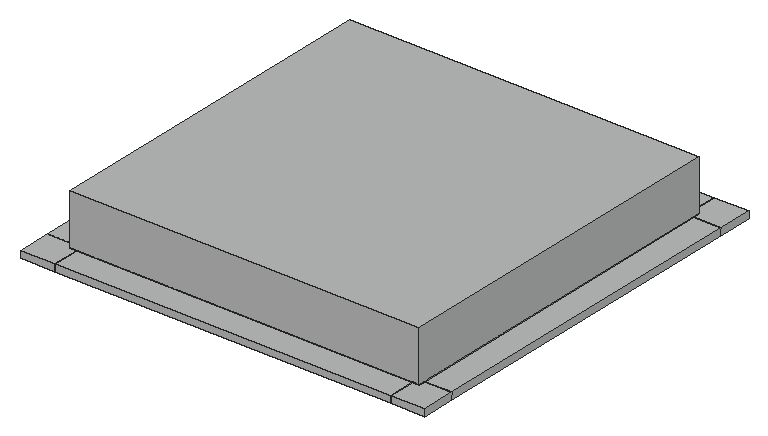
Revit family "ALUMOGIPS", category Осветительные приборы, Revit 2019 (continued)
Types (72, lengths in mm): name | Файл фотометрической сетки | built-in parameter 1150105 | Lumens | built-in parameter 1150106 | built-in parameter 1150142 | Wattage | Emit from Rectangle Width | Emit from Rectangle Length | Длина | Материал светильника | Ширина | ADSK_Ток | ADSK_Полная мощность | ADSK_Обозначение | ADSK_Номинальная мощность | ADSK_Наименование | ADSK_Масса | ADSK_Код изделия
    303 \r\n448.356 368.859 293.578 222.119 154.483 93.612 39.601 3.823 3.725 3.725 3.627 3.529 3.431 3.332 3.234 3.137 3.039 3.039 2.941 2.842 2.744 2.647 2.549 2.450 2.352 2.352 2.254 2.157 2.059 1.960 1.862 \r\n1.764 1.667 1.667 1.569 1.470 1.372 1.274 1.177 1.078 0.980 0.980 0.882 0.784 0.687 0.588 0.490 0.392 0.294 0.294 0.196 0.098 0.000 \r\n2755.907 2758.357 2752.868 2747.770 2732.871 2716.011 2695.329 2667.294 2637.005 2599.462 2556.039 2511.438 2463.897 2412.631 2356.072 2296.670 2237.269 2170.221 \r\n2102.585 2032.205 1960.747 1886.347 1809.694 1731.668 1651.485 1569.538 1486.905 1402.410 1316.934 1227.146 1139.905 1052.371 964.150 876.029 787.906 701.057 614.798 530.008 \r\n448.061 368.663 293.480 222.022 154.386 93.514 39.504 3.823 3.725 3.725 3.627 3.529 3.431 3.332 3.234 3.137 3.039 3.039 2.941 2.842 2.744 2.647 2.549 2.450 2.352 2.352 2.254 2.157 2.059 1.960 1.862 \r\n1.764 1.667 1.667 1.569 1.470 1.372 1.274 1.177 1.078 0.980 0.980 0.882 0.784 0.687 0.588 0.490 0.392 0.294 0.294 0.196 0.098 0.000 \r\n2755.907 2758.259 2752.770 2747.477 2732.577 2715.619 2694.741 2666.706 2636.319 2598.776 2555.352 2510.654 2463.113 2411.749 2355.190 2295.788 2236.289 2169.241 \r\n2101.605 2031.323 1959.767 1885.367 1808.713 1730.687 1650.505 1568.656 1485.925 1401.528 1316.052 1226.361 1139.219 1051.684 963.465 875.440 787.416 700.567 614.406 529.616 \r\n447.866 368.467 293.283 221.923 154.288 93.514 39.504 3.823 3.725 3.725 3.627 3.529 3.431 3.332 3.234 3.137 3.039 3.039 2.941 2.842 2.744 2.647 2.549 2.450 2.352 2.352 2.254 2.157 2.059 1.960 1.862 \r\n1.764 1.667 1.667 1.569 1.470 1.372 1.274 1.177 1.078 0.980 0.980 0.882 0.784 0.687 0.588 0.490 0.392 0.294 0.294 0.196 0.098 0.000 \r\n2755.907 2758.161 2752.671 2747.280 2732.283 2715.227 2694.250 2666.117 2635.633 2598.090 2554.764 2509.967 2462.329 2410.964 2354.406 2294.906 2235.309 2168.359 \r\n2100.625 2030.343 1958.787 1884.387 1807.733 1729.707 1649.525 1567.676 1485.043 1400.646 1315.072 1225.479 1138.435 1050.901 962.876 874.852 786.926 700.176 614.013 529.323 \r\n447.571 368.272 293.088 221.825 154.190 93.415 39.405 3.823 3.725 3.725 3.627 3.529 3.431 3.332 3.234 3.137 3.039 3.039 2.941 2.842 2.744 2.647 2.549 2.450 2.352 2.352 2.254 2.157 2.059 1.960 1.862 \r\n1.764 1.667 1.667 1.569 1.470 1.372 1.274 1.177 1.078 0.980 0.980 0.882 0.784 0.687 0.588 0.490 0.392 0.294 0.294 0.196 0.098 0.000 \r\n2755.907 2757.965 2752.574 2746.987 2731.989 2714.835 2693.662 2665.530 2635.045 2597.404 2554.078 2509.184 2461.545 2410.082 2353.524 2294.024 2234.328 2167.378 \r\n2099.743 2029.363 1957.708 1883.309 1806.753 1728.727 1648.643 1566.794 1484.161 1399.764 1314.190 1224.695 1137.651 1050.214 962.190 874.264 786.338 699.685 613.621 529.028 \r\n447.278 368.075 292.990 221.727 154.190 93.415 39.405 3.823 3.725 3.627 3.627 3.529 3.431 3.332 3.234 3.137 3.039 3.039 2.941 2.842 2.744 2.647 2.549 2.450 2.352 2.352 2.254 2.157 2.059 1.960 1.862 \r\n1.764 1.667 1.667 1.569 1.470 1.372 1.274 1.177 1.078 0.980 0.980 0.882 0.784 0.687 0.588 0.490 0.392 0.294 0.294 0.196 0.098 0.000 \r\n2755.907 2757.867 2752.378 2746.692 2731.695 2714.443 2693.172 2665.040 2634.358 2596.718 2553.392 2508.497 2460.760 2409.200 2352.642 2293.141 2233.348 2166.398 \r\n2098.763 2028.383 1956.728 1882.328 1805.773 1727.747 1647.662 1565.814 1483.181 1398.881 1313.307 1223.911 1136.965 1049.529 961.603 873.675 785.848 699.195 613.230 528.734 \r\n446.983 367.879 292.793 221.629 154.091 93.317 39.307 3.823 3.725 3.627 3.627 3.529 3.431 3.332 3.234 3.137 3.039 2.941 2.941 2.842 2.744 2.647 2.549 2.450 2.352 2.352 2.254 2.157 2.059 1.960 1.862 \r\n1.764 1.667 1.667 1.569 1.470 1.372 1.274 1.177 1.078 0.980 0.980 0.882 0.784 0.687 0.588 0.490 0.392 0.294 0.294 0.196 0.098 0.000 \r\n2755.907 2757.769 2752.279 2746.497 2731.302 2713.953 2692.682 2664.452 2633.673 2596.031 2552.705 2507.713 2459.976 2408.417 2351.759 2292.259 2232.368 2165.418 \r\n2097.782 2027.403 1955.748 1881.348 1804.694 1726.767 1646.682 1564.931 1482.299 1398.097 1312.327 1223.029 1136.181 1048.842 960.916 873.088 785.357 698.803 612.838 528.342 \r\n446.788 367.683 292.598 221.532 153.993 93.220 39.209 3.823 3.725 3.627 3.627 3.529 3.431 3.332 3.234 3.137 3.039 2.941 2.941 2.842 2.744 2.647 2.549 2.450 2.352 2.352 2.254 2.157 2.059 1.960 1.862 \r\n1.764 1.667 1.667 1.569 1.470 1.372 1.274 1.177 1.078 0.980 0.980 0.882 0.784 0.687 0.588 0.490 0.392 0.294 0.294 0.196 0.098 0.000 \r\n2755.907 2757.671 2752.181 2746.202 2731.009 2713.561 2692.094 2663.863 2632.986 2595.346 2552.020 2507.027 2459.192 2407.534 2350.877 2291.377 2231.387 2164.536 \r\n2096.802 2026.520 1954.768 1880.368 1803.714 1725.787 1645.702 1563.951 1481.416 1397.215 1311.445 1222.245 1135.396 1048.058 960.229 872.500 784.867 698.313 612.446 528.048 \r\n446.493 367.487 292.500 221.433 153.896 93.220 39.209 3.823 3.725 3.627 3.627 3.529 3.431 3.332 3.234 3.137 3.039 2.941 2.941 2.842 2.744 2.647 2.549 2.450 2.352 2.254 2.254 2.157 2.059 1.960 1.862 \r\n1.764 1.667 1.667 1.569 1.470 1.372 1.274 1.177 1.078 0.980 0.980 0.882 0.784 0.687 0.588 0.490 0.392 0.294 0.294 0.196 0.098 0.000 \r\n2755.907 2757.573 2752.084 2745.908 2730.715 2713.169 2691.603 2663.275 2632.300 2594.659 2551.333 2506.341 2458.408 2406.652 2349.995 2290.495 2230.407 2163.556 \r\n2095.822 2025.539 1953.788 1879.388 1802.734 1724.806 1644.722 1563.069 1480.436 1396.332 1310.465 1221.460 1134.711 1047.372 959.642 872.010 784.279 697.921 612.053 527.754 \r\n446.199 367.193 292.303 221.335 153.798 93.122 39.111 3.823 3.725 3.627 3.627 3.529 3.431 3.332 3.234 3.137 3.039 2.941 2.941 2.842 2.744 2.647 2.549 2.450 2.352 2.254 2.254 2.157 2.059 1.960 1.862 \r\n1.764 1.667 1.667 1.569 1.470 1.372 1.274 1.177 1.078 0.980 0.980 0.882 0.784 0.687 0.588 0.490 0.392 0.294 0.294 0.196 0.098 0.000 \r\n2755.907 2757.475 2751.986 2745.615 2730.420 2712.777 2691.113 2662.785 2631.614 2593.973 2550.648 2505.556 2457.624 2405.770 2349.113 2289.612 2229.426 2162.576 \r\n2094.842 2024.559 1952.709 1878.309 1801.754 1723.826 1643.742 1562.089 1479.554 1395.450 1309.583 1220.578 1133.926 1046.685 958.956 871.421 783.789 697.431 611.661 527.459 \r\n445.905 366.997 292.108 221.237 153.798 93.122 39.013 3.823 3.725 3.627 3.529 3.529 3.431 3.332 3.234 3.137 3.039 2.941 2.941 2.842 2.744 2.647 2.549 2.450 2.352 2.254 2.254 2.157 2.059 1.960 1.862 \r\n1.764 1.667 1.667 1.569 1.470 1.372 1.274 1.177 1.078 0.980 0.980 0.882 0.784 0.687 0.588 0.490 0.392 0.294 0.294 0.196 0.098 0.000 \r\n2755.907 2757.279 2751.789 2745.418 2730.127 2712.384 2690.525 2662.197 2631.026 2593.287 2550.059 2504.871 2456.839 2404.985 2348.231 2288.730 2228.446 2161.694 \r\n2093.960 2023.579 1951.729 1877.329 1800.774 1722.846 1642.860 1561.207 1478.672 1394.568 1308.701 1219.793 1133.142 1046.000 958.367 870.833 783.299 696.941 611.269 527.067 \r\n445.709 366.800 292.010 221.041 153.700 93.024 39.013 3.823 3.725 3.627 3.529 3.529 3.431 3.332 3.234 3.137 3.039 2.941 2.941 2.842 2.744 2.647 2.549 2.450 2.352 2.254 2.254 2.157 2.059 1.960 1.862 \r\n1.764 1.667 1.569 1.569 1.470 1.372 1.274 1.177 1.078 0.980 0.980 0.882 0.784 0.687 0.588 0.490 0.392 0.294 0.294 0.196 0.098 0.000 \r\n2755.907 2757.180 2751.691 2745.124 2729.832 2711.992 2690.035 2661.608 2630.339 2592.601 2549.373 2504.086 2456.055 2404.103 2347.348 2287.848 2227.466 2160.713 \r\n2092.980 2022.599 1950.749 1876.349 1799.793 1721.768 1641.879 1560.226 1477.691 1393.686 1307.720 1219.010 1132.456 1045.215 957.681 870.245 782.809 696.548 610.877 526.774 \r\n445.414 366.605 291.813 220.943 153.601 93.024 38.915 3.823 3.725 3.627 3.529 3.529 3.431 3.332 3.234 3.137 3.039 2.941 2.842 2.842 2.744 2.647 2.549 2.450 2.352 2.254 2.254 2.157 2.059 1.960 1.862 \r\n1.764 1.667 1.569 1.569 1.470 1.372 1.274 1.177 1.078 0.980 0.980 0.882 0.784 0.687 0.588 0.490 0.392 0.294 0.294 0.196 0.098 0.000 \r\n2755.907 2757.083 2751.594 2744.830 2729.539 2711.502 2689.545 2661.021 2629.654 2591.915 2548.687 2503.401 2455.271 2403.221 2346.564 2286.966 2226.486 2159.733 \r\n2091.999 2021.619 1949.769 1875.369 1798.813 1720.787 1640.899 1559.344 1476.809 1392.804 1306.837 1218.128 1131.672 1044.529 957.093 869.656 782.319 696.058 610.485 526.479 \r\n445.121 366.408 291.618 220.845 153.503 92.925 38.915 3.823 3.725 3.627 3.529 3.529 3.431 3.332 3.234 3.137 3.039 2.941 2.842 2.842 2.744 2.647 2.549 2.450 2.352 2.254 2.254 2.157 2.059 1.960 1.862 \r\n1.764 1.667 1.569 1.569 1.470 1.372 1.274 1.177 1.078 0.980 0.980 0.882 0.784 0.687 0.588 0.490 0.392 0.294 0.294 0.196 0.098 0.000 \r\n2755.907 2756.985 2751.496 2744.634 2729.244 2711.110 2688.957 2660.531 2628.967 2591.228 2548.001 2502.616 2454.389 2402.339 2345.682 2286.084 2225.506 2158.850 \r\n2091.019 2020.737 1948.690 1874.290 1797.833 1719.807 1639.919 1558.364 1475.926 1392.019 1305.955 1217.343 1130.887 1043.843 956.407 869.069 781.730 695.568 610.093 526.185 \r\n444.827 366.213 291.519 220.747 153.406 92.925 38.817 3.823 3.725 3.627 3.529 3.431 3.431 3.332 3.234 3.137 3.039 2.941 2.842 2.842 2.744 2.647 2.549 2.450 2.352 2.254 2.254 2.157 2.059 1.960 1.862 \r\n1.764 1.667 1.569 1.569 1.470 1.372 1.274 1.177 1.078 0.980 0.980 0.882 0.784 0.687 0.588 0.490 0.392 0.294 0.294 0.196 0.098 0.000 \r\n2755.907 2756.887 2751.398 2744.340 2728.852 2710.718 2688.466 2659.943 2628.281 2590.542 2547.314 2501.930 2453.605 2401.554 2344.799 2285.201 2224.525 2157.870 \r\n2090.039 2019.756 1947.710 1873.310 1796.853 1718.827 1638.939 1557.481 1474.946 1391.137 1304.975 1216.559 1130.201 1043.157 955.720 868.481 781.240 695.176 609.701 525.794 \r\n444.631 366.016 291.323 220.649 153.406 92.827 38.719 3.823 3.725 3.627 3.529 3.431 3.431 3.332 3.234 3.137 3.039 2.941 2.842 2.842 2.744 2.647 2.549 2.450 2.352 2.254 2.157 2.157 2.059 1.960 1.862 \r\n1.764 1.667 1.569 1.569 1.470 1.372 1.274 1.177 1.078 0.980 0.980 0.882 0.784 0.687 0.588 0.490 0.392 0.294 0.294 0.196 0.098 0.000 \r\n2755.907 2756.789 2751.201 2744.046 2728.558 2710.326 2687.879 2659.354 2627.693 2589.856 2546.629 2501.244 2452.820 2400.672 2343.917 2284.320 2223.545 2156.890 \r\n2089.059 2018.776 1946.730 1872.330 1795.774 1717.847 1638.056 1556.501 1474.064 1390.255 1304.093 1215.677 1129.417 1042.373 955.133 867.991 780.750 694.686 609.309 525.499 \r\n444.337 365.820 291.128 220.551 153.308 92.730 38.719 3.823 3.725 3.627 3.529 3.431 3.431 3.332 3.234 3.137 3.039 2.941 2.842 2.842 2.744 2.647 2.549 2.450 2.352 2.254 2.157 2.157 2.059 1.960 1.862 \r\n1.764 1.667 1.569 1.569 1.470 1.372 1.274 1.177 1.078 0.980 0.980 0.882 0.784 0.687 0.588 0.490 0.392 0.294 0.294 0.196 0.098 0.000 \r\n2755.907 2756.592 2751.104 2743.850 2728.264 2709.934 2687.389 2658.864 2627.007 2589.170 2545.942 2500.459 2452.036 2399.790 2343.035 2283.438 2222.565 2156.008 \r\n2088.079 2017.796 1945.750 1871.350 1794.794 1716.867 1637.076 1555.619 1473.182 1389.372 1303.113 1214.892 1128.633 1041.687 954.446 867.402 780.260 694.294 608.917 525.205 \r\n444.042 365.625 291.029 220.453 153.209 92.730 38.621 3.823 3.725 3.627 3.529 3.431 3.431 3.332 3.234 3.137 3.039 2.941 2.842 2.744 2.744 2.647 2.549 2.450 2.352 2.254 2.157 2.157 2.059 1.960 1.862 \r\n1.764 1.667 1.569 1.569 1.470 1.372 1.274 1.177 1.078 0.980 0.882 0.882 0.784 0.687 0.588 0.490 0.392 0.294 0.294 0.196 0.098 0.000 \r\n2755.907 2756.495 2751.006 2743.556 2727.970 2709.443 2686.899 2658.276 2626.320 2588.484 2545.255 2499.773 2451.252 2399.006 2342.153 2282.556 2221.585 2155.028 \r\n2087.196 2016.816 1944.769 1870.370 1793.814 1715.886 1636.095 1554.639 1472.202 1388.490 1302.231 1214.109 1127.946 1041.000 953.858 866.814 779.672 693.804 608.524 524.912 \r\n443.749 365.330 290.833 220.355 153.111 92.632 38.523 3.823 3.725 3.627 3.529 3.431 3.431 3.332 3.234 3.137 3.039 2.941 2.842 2.744 2.744 2.647 2.549 2.450 2.352 2.254 2.157 2.157 2.059 1.960 1.862 \r\n1.764 1.667 1.569 1.569 1.470 1.372 1.274 1.177 1.078 0.980 0.882 0.882 0.784 0.687 0.588 0.490 0.392 0.294 0.294 0.196 0.098 0.000 \r\n2755.907 2756.397 2750.907 2743.261 2727.676 2709.052 2686.311 2657.687 2625.635 2587.700 2544.668 2498.989 2450.468 2398.124 2341.271 2281.673 2220.605 2154.047 \r\n2086.215 2015.836 1943.691 1869.292 1792.834 1714.906 1635.115 1553.757 1471.320 1387.608 1301.348 1213.227 1127.163 1040.314 953.173 866.226 779.182 693.314 608.132 524.519 \r\n443.552 365.134 290.637 220.257 153.013 92.632 38.523 3.823 3.725 3.627 3.529 3.431 3.332 3.332 3.234 3.137 3.039 2.941 2.842 2.744 2.744 2.647 2.549 2.450 2.352 2.254 2.157 2.157 2.059 1.960 1.862 \r\n1.764 1.667 1.569 1.569 1.470 1.372 1.274 1.177 1.078 0.980 0.882 0.882 0.784 0.687 0.588 0.490 0.392 0.294 0.294 0.196 0.098 0.000 \r\n2755.907 2756.299 2750.711 2742.968 2727.382 2708.660 2685.821 2657.100 2624.948 2587.013 2543.982 2498.303 2449.684 2397.242 2340.388 2280.791 2219.624 2153.166 \r\n2085.235 2014.954 1942.711 1868.312 1791.854 1713.926 1634.135 1552.777 1470.437 1386.726 1300.368 1212.442 1126.378 1039.530 952.486 865.638 778.692 692.922 607.740 524.225 \r\n443.259 364.938 290.441 220.159 153.013 92.533 38.425 3.823 3.725 3.627 3.529 3.431 3.332 3.332 3.234 3.137 3.039 2.941 2.842 2.744 2.744 2.647 2.549 2.450 2.352 2.254 2.157 2.157 2.059 1.960 1.862 \r\n1.764 1.667 1.569 1.569 1.470 1.372 1.274 1.177 1.078 0.980 0.882 0.882 0.784 0.687 0.588 0.490 0.392 0.294 0.294 0.196 0.098 0.000 \r\n2755.907 2756.200 2750.614 2742.771 2727.088 2708.268 2685.330 2656.610 2624.360 2586.327 2543.295 2497.518 2448.899 2396.360 2339.506 2279.909 2218.644 2152.185 \r\n2084.255 2013.974 1941.731 1867.331 1790.873 1712.946 1633.253 1551.895 1469.457 1385.942 1299.486 1211.658 1125.692 1038.844 951.898 865.050 778.201 692.432 607.348 523.931 \r\n442.964 364.743 290.343 220.061 152.916 92.533 38.425 3.823 3.725 3.627 3.529 3.431 3.332 3.332 3.234 3.137 3.039 2.941 2.842 2.744 2.744 2.647 2.549 2.450 2.352 2.254 2.157 2.157 2.059 1.960 1.862 \r\n1.764 1.667 1.569 1.470 1.470 1.372 1.274 1.177 1.078 0.980 0.882 0.882 0.784 0.687 0.588 0.490 0.392 0.294 0.294 0.196 0.098 0.000 \r\n2755.907 2756.102 2750.516 2742.478 2726.793 2707.875 2684.742 2656.022 2623.674 2585.641 2542.609 2496.833 2448.116 2395.575 2338.624 2279.027 2217.664 2151.205 \r\n2083.275 2012.993 1940.750 1866.351 1789.893 1711.966 1632.273 1550.915 1468.575 1385.060 1298.604 1210.776 1124.908 1038.158 951.211 864.462 777.614 691.942 606.957 523.637 \r\n442.670 364.546 290.147 219.963 152.818 92.435 38.327 3.823 3.725 3.627 3.529 3.431 3.332 3.332 3.234 3.137 3.039 2.941 2.842 2.744 2.744 2.647 2.549 2.450 2.352 2.254 2.157 2.157 2.059 1.960 1.862 \r\n1.764 1.667 1.569 1.470 1.470 1.372 1.274 1.177 1.078 0.980 0.882 0.882 0.784 0.687 0.588 0.490 0.392 0.294 0.294 0.196 0.098 0.000 \r\n2755.907 2756.005 2750.417 2742.183 2726.500 2707.385 2684.252 2655.433 2622.988 2584.955 2541.923 2496.146 2447.331 2394.693 2337.839 2278.144 2216.684 2150.322 \r\n2082.295 2012.013 1939.770 1865.370 1788.913 1710.985 1631.293 1550.032 1467.693 1384.178 1297.624 1209.991 1124.124 1037.472 950.624 863.972 777.123 691.550 606.564 523.245 \r\n442.474 364.350 289.951 219.865 152.719 92.435 38.229 3.823 3.725 3.627 3.529 3.431 3.332 3.332 3.234 3.137 3.039 2.941 2.842 2.744 2.744 2.647 2.549 2.450 2.352 2.254 2.157 2.059 2.059 1.960 1.862 \r\n1.764 1.667 1.569 1.470 1.470 1.372 1.274 1.177 1.078 0.980 0.882 0.882 0.784 0.687 0.588 0.490 0.392 0.294 0.294 0.196 0.098 0.000 \r\n2755.907 2755.808 2750.319 2741.987 2726.108 2706.993 2683.762 2654.845 2622.302 2584.269 2541.237 2495.363 2446.547 2393.811 2336.958 2277.262 2215.704 2149.342 \r\n2081.413 2011.033 1938.692 1864.293 1787.835 1710.005 1630.312 1549.051 1466.713 1383.296 1296.742 1209.208 1123.437 1036.688 949.937 863.383 776.633 691.060 606.172 522.951 \r\n442.180 364.154 289.853 219.767 152.621 92.337 38.229 3.823 3.725 3.627 3.529 3.431 3.332 3.234 3.234 3.137 3.039 2.941 2.842 2.744 2.647 2.647 2.549 2.450 2.352 2.254 2.157 2.059 2.059 1.960 1.862 \r\n1.764 1.667 1.569 1.470 1.470 1.372 1.274 1.177 1.078 0.980 0.882 0.882 0.784 0.687 0.588 0.490 0.392 0.294 0.294 0.196 0.098 0.000 \r\n2755.907 2755.710 2750.124 2741.693 2725.813 2706.601 2683.174 2654.355 2621.616 2583.582 2540.551 2494.676 2445.762 2392.929 2336.076 2276.380 2214.724 2148.
